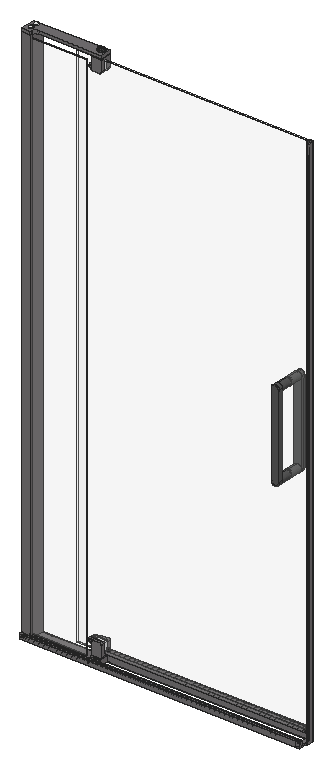
Revit family "Shower-Shower_Door-KOHLER-Revel-K-707511_1", category Specialty Equipment, host Face, Revit 2022
Family settings
  Host = Face
  Round Connector Dimension = Use Diameter
  Part Type = Normal
  OmniClass Number = 23.31.17.17
  OmniClass Title = Shower Enclosures
  Cut with Voids When Loaded = No
  Maintain Annotation Orientation = No
  Shared = No
  Room Calculation Point = No
Parameters (values of type "Clear Glass, ABZ-Anodized Dark Bronze")
  Width [instance] = 8.18898" + Walk Thru + 1.5748"  # 35.98425"
  WaterSense Certified = 1 = 0  # no
  Walk Thru [instance] = 26.22047"
  URL = "https://www.us.kohler.com/us/"
  Type = 1
  Secondary Finish = Kohler-Glass-L-Crystal_Clear
  Product Page URL = "http://www.us.kohler.com/us/catalog/productDetails.jsp?productId=707511-L"
  Product Name = "Revel"  # constant formula
  Product Documentation Link = "https://www.us.kohler.com/webassets/kpna/catalog/pdf/en/K-707511-L_spec_US-CA_Kohler_en.pdf"
  Model = if(Type = 1, "K-707511-L-ABZ", if(Type = 2, "K-707511-L-BNK", if(Type = 3, "K-707511-L-SHP", if(Type = 4, "K-707511-D3-ABZ", if(Type = 5, "K-707511-D3-BNK", if(Type = 6, "K-707511-D3-SHP", "NA"))))))  # "K-707511-L-ABZ"
  Material = "Premium Metal Construction"  # constant formula
  Master Format 2014 Name = "Shower Doors"  # constant formula
  Master Format 2014 = "10 28 19.16"  # constant formula
  Manufacturer Address = "444 Highland Dr, Kohler, WI 53044"  # constant formula
  Manufacturer = "Kohler Co."  # constant formula
  Length = 4 7/64"  # constant formula
  Height = 70"  # constant formula
  Handle Finish = Kohler-Metal-BL-Matte_Black
  Finish = Kohler-Metal-ABZ-Anodized_Dark_Bronze
  Environmental Product Declaration = ""
  Description = if(or(Type < 4), "Pivot shower door, 70inch H x 31-1/8 - 36inch W, with 5/16inch thick Crystal Clear glass\r\n", "Pivot shower door, 70inch H x 31-1/8 - 36inch W, with 5/16inch thick Frosted glass")  # "Pivot shower door, 70inch H x 31-1/8 - 36inch W, with 5/16inch thick Crystal Clear glass\r\n"
  Default Elevation = 4"
  Declare Label = ""
  Date Modified = "06/20/2022"  # constant formula
  Date Created = "06/20/2022"  # constant formula
  Copyright = "Copyright Kohler Co."  # constant formula
  Contact Us = "https://www.us.kohler.com/us/static/contact.jsp"
  Assembly Code = "C1030200"
  ADA Compliant = 1 = 0  # no
Reference planes (in)
  plane 1 "Center (Front/Back)": y = 0
  plane 2: z = 0
  plane 3 "Center (Left/Right)": x = 0
  plane 4: y = 2.10994
  plane 5: y = 0.71149
  plane 6: y = -1.5326
  plane 7: x = -8.29527
  plane 8: y = 0.32149
  plane 9: y = -1.99943
  plane 10: y = -0.55188
  plane 11: x = -15.84581
  plane 12: z = 70
  plane 13: z = 70.36441
  plane 14: z = 69.11682
  plane 15: z = 68.1005
  plane 16: z = 40.94488
  plane 17: z = 40.45276
  plane 18: z = 29.82283
  plane 19: z = 29.33071
  plane 20: z = 2.1635
  plane 21: z = 0.62992
  plane 22: x = -16.48425
  plane 23: x = -6.72047
  plane 24: x = 19.5
  plane 25: x = 19.11968
  plane 26: z = 68.66614
  plane 27: x = 19.00146
  plane 28: x = 16.54671
Dimensions and locks (in)
  plane 7 to plane 3 "Center (Left/Right)" = 8.29527"
  "Height": plane 12 to level
  "Length": plane 4 to plane 9
  locked: plane 23 to plane 3 "Center (Left/Right)" at 6.72047
  "Walk Thru": plane 23 to plane 24
  locked: plane 27 to plane 24 at 0.49854
  locked: plane 24 to plane 25 at 0.38032
  locked: plane 28 to plane 24 at 2.95329
  plane 19 to level = 29.33071"
  plane 16 to plane 19 = 11.61417"
  plane 7 to plane 22 = 8.18898"
  locked: plane 11 to plane 22 at 0.63844
  "Width": plane 24 to plane 22
  aligned and locked: plane 2 to host face
  aligned and locked: level to host face
  aligned and locked: plane 3 "Center (Left/Right)" to nested 1
Automatic sketch dimensions
  host sketch curve to host sketch curve = 96"  (x2)
Nested families (in)
  nested 1: "K-707511" at (0, 0, 0), type "K-707511"
Definition of nested family "K-707511"
  Parameters (values of type "K-707511")
    Width = Walk Thru + Distance + 1.5748"  # 36.02362"
    Walk Thru = 26.25984"
    Material = none
    Height = 70"
    Handle Material = none
    Handle Height = 29.33071"
    Glass Material = none
    Distance = 8.18898"
    Default Elevation = 0"
  Reference planes (in)
    plane 1 "Center (Front/Back)": y = 0
    plane 2: z = 0
    plane 3 "Center (Left/Right)": x = 0
    plane 4: x = -16.48425
    plane 5: x = -8.29527
    plane 6 "K": x = 16.58608
    plane 7: z = 70
    plane 8: z = 69.64567
    plane 9 "D": z = 68.1005
    plane 10: z = 29.33071
    plane 11: z = 40.94488
    plane 12: y = 2.10994
    plane 13: y = -1.99772
    plane 14: y = 0.71149
    plane 15: y = -1.5326
    plane 16: z = 0.62992
    plane 17: z = 69.11682
    plane 18: x = -15.84363
    plane 19 "A": y = -0.55188
    plane 20 "B": y = 0.32149
    plane 21 "C": z = 2.1635
    plane 22: z = 68.91997
    plane 23: z = 68.66614
    plane 24: z = 40.45276
    plane 25: z = 29.82283
    plane 26: z = 70.36441
    plane 27: x = -6.72047
    plane 28: x = 19.53937
    plane 29: x = 18.89764
    plane 30: x = 19.39764
    plane 31: x = 19.04083
    plane 32: x = -7.40614
  Forms (in)
    Extrusion 1, solid, material <- "Material", detail levels medium+fine
      sketch origin (0, 0, 0) x (0, 1, 0) y (0, 0, 1)
        loop
          line (-0.27623, 0) -> (0.59855, 0)
          arc (0.59855, 0) -> (0.62415, 0.0106) -> (0.63475, 0.0362) r 0.0362
          line (0.63475, 0.0362) -> (0.63475, 0.21702)
          arc (0.63475, 0.21702) -> (0.62509, 0.24034) -> (0.60177, 0.25) r 0.03298
          line (0.60177, 0.25) -> (-1.2883, 0.25)
          arc (-1.2883, 0.25) -> (-1.3314, 0.26785) -> (-1.34925, 0.31095) r 0.06095
          line (-1.34925, 0.31095) -> (-1.34925, 0.48)
          arc (-1.34925, 0.48) -> (-1.40675, 0.5375) -> (-1.46425, 0.48) r 0.0575
          line (-1.46425, 0.48) -> (-1.46425, 0.26417)
          arc (-1.46425, 0.26417) -> (-1.42954, 0.17607) -> (-1.34408, 0.1353) r 0.12919
          line (-1.34408, 0.1353) -> (-0.30312, 0.06251) -> (-0.30312, 0.0269)
          arc (-0.30312, 0.0269) -> (-0.29525, 0.00788) -> (-0.27623, 0) r 0.0269
      from -16.48425 to -8.02475
    Extrusion 2, solid, material <- "Material", detail levels medium+fine
      sketch origin (0, 0, 0) x (0, 1, 0) y (0, 0, 1)
        loop
          line (-1.46425, 0.06988) -> (-0.33625, -0.00012) -> (-0.33625, 0.06) -> (-1.46425, 0.13) -> (-1.46425, 0.565) -> (-1.33425, 0.565) -> (-1.33425, 0.368)
          arc (-1.33425, 0.368) -> (-1.30425, 0.338) -> (-1.27425, 0.368) r 0.03
          line (-1.27425, 0.368) -> (-1.27425, 0.60686)
          arc (-1.27425, 0.60686) -> (-1.281, 0.62317) -> (-1.29731, 0.62992) r 0.02306
          line (-1.29731, 0.62992) -> (-1.50695, 0.62992)
          arc (-1.50695, 0.62992) -> (-1.52509, 0.62241) -> (-1.5326, 0.60427) r 0.02565
          line (-1.5326, 0.60427) -> (-1.5326, 0) -> (-1.48411, 0)
          arc (-1.48411, 0) -> (-1.47007, 0.00582) -> (-1.46425, 0.01986) r 0.01986
          line (-1.46425, 0.01986) -> (-1.46425, 0.06988)
      from -16.48425 to 19.39764
    Extrusion 3, solid, material <- "Material", detail levels medium+fine
      sketch origin (0, 0, 0) x (0, 1, 0) y (0, 0, 1)
        loop
          line (-1.23023, 0.67187) -> (-1.54853, 0.67187)
          arc (-1.54853, 0.67187) -> (-1.56451, 0.66526) -> (-1.57112, 0.64928) r 0.0226
          line (-1.57112, 0.64928) -> (-1.57112, 0.03588)
          arc (-1.57112, 0.03588) -> (-1.55186, 0.01661) -> (-1.5326, 0.03588) r 0.01926
          line (-1.5326, 0.03588) -> (-1.5326, 0.62992) -> (-1.25863, 0.62992) -> (-1.25862, 0.15799)
          arc (-1.25862, 0.15799) -> (-1.25033, 0.13693) -> (-1.22989, 0.12718) r 0.03089
          line (-1.22989, 0.12718) -> (-0.30312, 0.06237) -> (-0.30312, 0.02652)
          arc (-0.30312, 0.02652) -> (-0.29532, 0.00768) -> (-0.27648, -0.00013) r 0.02664
          line (-0.27648, -0.00013) -> (0.27012, -0.00013)
          arc (0.27012, -0.00013) -> (0.29328, 0.00947) -> (0.30288, 0.03263) r 0.03275
          line (0.30288, 0.03263) -> (0.30288, 0.20868)
          arc (0.30288, 0.20868) -> (0.29449, 0.22892) -> (0.27425, 0.23731) r 0.02863
          line (0.27425, 0.23731) -> (-1.17024, 0.23731)
          arc (-1.17024, 0.23731) -> (-1.19827, 0.24892) -> (-1.20987, 0.27694) r 0.03964
          line (-1.20987, 0.27694) -> (-1.20987, 0.65152)
          arc (-1.20987, 0.65152) -> (-1.21584, 0.66591) -> (-1.23023, 0.67187) r 0.02036
      from 19.39764 to 18.89764
    Extrusion 4, solid, material <- "Material", detail levels medium+fine
      sketch origin (0, 0, 0) x (1, 0, 0) y (0, 1, 0)
        loop
          line (-16.48425, -1.27425) -> (-15.36279, -1.27425) -> (-15.36279, -1.0745) -> (-15.92325, -1.0745)
          arc (-15.92325, -1.0745) -> (-15.95325, -0.95875) -> (-15.92325, -0.843) r 0.2383
          line (-15.92325, -0.843) -> (-15.359, -0.843) -> (-15.359, 0.64608) -> (-16.48425, 0.64608) -> (-16.48425, 0.5658) -> (-16.42405, 0.5658) -> (-16.42405, 0.2641) -> (-16.48425, 0.2641) -> (-16.48425, 0.19996) -> (-16.42405, 0.19996) -> (-16.42405, -0.42903) -> (-16.48425, -0.42903) -> (-16.48425, -0.49326) -> (-16.42405, -0.49326) -> (-16.42405, -1.21125) -> (-16.48425, -1.21125) -> (-16.48425, -1.27425)
      from 0.25 to 69.64567
    Extrusion 5, solid, material <- "Glass Material"
      sketch origin (0, 0, 0) x (1, 0, 0) y (0, 1, 0)
        loop
          arc (-15.92325, -0.843) -> (-15.95325, -0.95875) -> (-15.92325, -1.0745) r 0.2383
          line (-15.92325, -1.0745) -> (-8.32527, -1.0745)
          arc (-8.32527, -1.0745) -> (-8.29527, -0.95875) -> (-8.32527, -0.843) r 0.2383
          line (-8.32527, -0.843) -> (-15.92325, -0.843)
      from 0.625 to 69.11682
    Extrusion 6, solid, material <- "Material"
      sketch origin (0, 0, 0) x (1, 0, 0) y (0, 1, 0)
        loop
          line (-16.48425, -1.33251) -> (-15.3867, -1.33251)
          arc (-15.3867, -1.33251) -> (-15.3224, -1.30588) -> (-15.29577, -1.24158) r 0.09093
          line (-15.29577, -1.24158) -> (-15.29577, -1.16731)
          arc (-15.29577, -1.16731) -> (-15.14469, -0.80256) -> (-14.77993, -0.65147) r 0.51584
          line (-14.77993, -0.65147) -> (-6.73991, -0.65147) -> (-6.73991, 0.71149) -> (-16.48425, 0.71149) -> (-16.48425, -1.33251)
      from 69.64567 to 70
    Revolve 7, solid, detail levels medium+fine
      sketch origin (0, -0.55188, 0) x (0, 0, 1) y (-1, 0, 0)
        loop
          line (70, 15.84363) -> (70.17753, 15.84363)
          arc (70.17753, 15.84363) -> (70.13865, 15.98634) -> (70.03277, 16.08963) r 0.2814
          line (70.03277, 16.08963) -> (70, 16.08963) -> (70, 15.84363)
        axis (70, 15.84363) -> (70.17753, 15.84363)
      angle from 0 to 360
    Revolve 8, solid, detail levels medium+fine
      sketch origin (0, 0.32149, 0) x (0, 0, -1) y (-1, 0, 0)
        loop
          line (-70, 15.84363) -> (-70, 16.08963) -> (-70.03277, 16.08963)
          arc (-70.03277, 16.08963) -> (-70.13865, 15.98634) -> (-70.17753, 15.84363) r 0.2814
          line (-70.17753, 15.84363) -> (-70, 15.84363)
        axis (-70.17753, 15.84363) -> (-70, 15.84363)
      angle from 0 to 360
    Extrusion 9, solid, material <- "Material", detail levels medium+fine
      sketch origin (0, 0, 0) x (0, 1, 0) y (0, 0, 1)
        loop
          line (0.63475, 0) -> (0.63475, 0.625) -> (-0.72263, 0.625)
          arc (-0.72263, 0.625) -> (-0.75489, 0.61164) -> (-0.76825, 0.57938) r 0.04562
          line (-0.76825, 0.57938) -> (-0.76825, 0.31091)
          arc (-0.76825, 0.31091) -> (-0.78609, 0.26784) -> (-0.82916, 0.25) r 0.06091
          line (-0.82916, 0.25) -> (-1.10552, 0.25)
          arc (-1.10552, 0.25) -> (-1.13786, 0.26339) -> (-1.15125, 0.29573) r 0.04573
          line (-1.15125, 0.29573) -> (-1.15125, 0.59003)
          arc (-1.15125, 0.59003) -> (-1.16149, 0.61476) -> (-1.18622, 0.625) r 0.03497
          line (-1.18622, 0.625) -> (-1.24534, 0.625)
          arc (-1.24534, 0.625) -> (-1.2672, 0.61595) -> (-1.27625, 0.59409) r 0.03091
          line (-1.27625, 0.59409) -> (-1.27625, 0.312)
          arc (-1.27625, 0.312) -> (-1.31275, 0.2755) -> (-1.34925, 0.312) r 0.0365
          line (-1.34925, 0.312) -> (-1.34925, 0.48)
          arc (-1.34925, 0.48) -> (-1.40675, 0.5375) -> (-1.46425, 0.48) r 0.0575
          line (-1.46425, 0.48) -> (-1.46425, 0.26028)
          arc (-1.46425, 0.26028) -> (-1.43067, 0.17503) -> (-1.34797, 0.13559) r 0.125
          line (-1.34797, 0.13559) -> (-0.30275, 0.0625) -> (-0.30275, 0.03125)
          arc (-0.30275, 0.03125) -> (-0.2936, 0.00915) -> (-0.2715, 0) r 0.03125
          line (-0.2715, 0) -> (0.63475, 0)
      from -6.76525 to -8.02475
    Extrusion 10, solid, material <- "Material"
      sketch origin (0, 0, 0) x (1, 0, 0) y (0, 0, 1)
        loop
          arc (-6.80462, 0.7535) -> (-6.77678, 0.76503) -> (-6.76525, 0.79287) r 0.03937
          line (-6.76525, 0.79287) -> (-6.76525, 2.20243)
          arc (-6.76525, 2.20243) -> (-6.83527, 2.37148) -> (-7.00432, 2.4415) r 0.23907
          line (-7.00432, 2.4415) -> (-7.77509, 2.4415)
          arc (-7.77509, 2.4415) -> (-7.94491, 2.37116) -> (-8.01525, 2.20134) r 0.24016
          line (-8.01525, 2.20134) -> (-8.01525, 0.79202)
          arc (-8.01525, 0.79202) -> (-8.00397, 0.76478) -> (-7.97673, 0.7535) r 0.03852
          line (-7.97673, 0.7535) -> (-6.80462, 0.7535)
      from -0.699 to 0.6555
    Extrusion 11, void
      sketch origin (0, 0, 0) x (0, 1, 0) y (0, 0, 1)
        loop
          line (-0.223, 1.0975) -> (0.277, 1.0975) -> (0.277, 2.6723) -> (-0.223, 2.6723) -> (-0.223, 1.0975)
      from -8.374 to -5.62598
    Extrusion 12, solid
      sketch origin (0, 0, 0) x (1, 0, 0) y (0, 0, 1)
        loop
          line (-6.78494, 1.0975) -> (-6.78494, 2.20243)
          arc (-6.78494, 2.20243) -> (-6.84919, 2.35756) -> (-7.00432, 2.42181) r 0.21938
          line (-7.00432, 2.42181) -> (-7.77509, 2.42181)
          arc (-7.77509, 2.42181) -> (-7.93099, 2.35724) -> (-7.99556, 2.20134) r 0.22047
          line (-7.99556, 2.20134) -> (-7.99556, 1.0975) -> (-6.78494, 1.0975)
      from -0.277 to 0.223
    Revolve 13, solid, material <- "Material"
      sketch origin (0, 0, 2.1635) x (0, -1, 0) y (1, 0, 0)
        loop
          line (0.3524, -8.32761) -> (-0.39049, -8.32761) -> (-0.39049, -8.59986)
          arc (-0.39049, -8.59986) -> (-0.37874, -8.62823) -> (-0.35037, -8.63998) r 0.04012
          line (-0.35037, -8.63998) -> (-0.17426, -8.63998) -> (-0.17426, -8.59632) -> (-0.13508, -8.59632) -> (-0.13508, -8.48472) -> (0.097, -8.48472) -> (0.097, -8.59632) -> (0.13617, -8.59632) -> (0.13617, -8.63998) -> (0.31228, -8.63998)
          arc (0.31228, -8.63998) -> (0.34065, -8.62823) -> (0.3524, -8.59986) r 0.04012
          line (0.3524, -8.59986) -> (0.3524, -8.32761)
        axis (0.3524, -8.32761) -> (-0.39049, -8.32761)
      angle from 0 to 360
    Extrusion 14, solid
      sketch origin (0, 0, 0) x (1, 0, 0) y (0, 0, 1)
        loop
          circle (-7.07775, 1.5975) r 0.18898
        loop
          line (-7.07775, 1.72346) -> (-7.18683, 1.66048) -> (-7.18683, 1.53452) -> (-7.07775, 1.47154) -> (-6.96867, 1.53452) -> (-6.96867, 1.66048) -> (-7.07775, 1.72346)
        loop
          circle (-7.70273, 1.5975) r 0.18898
        loop
          line (-7.70273, 1.72346) -> (-7.81181, 1.66048) -> (-7.81181, 1.53452) -> (-7.70273, 1.47154) -> (-7.59364, 1.53452) -> (-7.59364, 1.66048) -> (-7.70273, 1.72346)
      from -0.64608 to -0.74844
    Revolve 15, solid, material <- "Material"
      sketch origin (0, 0, 68.1005) x (0, -1, 0) y (1, 0, 0)
        loop
          line (0.34548, -8.29527) -> (-0.39741, -8.29527) -> (-0.39741, -8.56752)
          arc (-0.39741, -8.56752) -> (-0.38566, -8.59589) -> (-0.35729, -8.60764) r 0.04012
          line (-0.35729, -8.60764) -> (-0.18118, -8.60764) -> (-0.18118, -8.56398) -> (-0.14201, -8.56398) -> (-0.14201, -8.45238) -> (0.09007, -8.45238) -> (0.09007, -8.56398) -> (0.12925, -8.56398) -> (0.12925, -8.60764) -> (0.30536, -8.60764)
          arc (0.30536, -8.60764) -> (0.33373, -8.59589) -> (0.34548, -8.56752) r 0.04012
          line (0.34548, -8.56752) -> (0.34548, -8.29527)
        axis (0.34548, -8.29527) -> (-0.39741, -8.29527)
      angle from 0 to 360
    Extrusion 16, solid, material <- "Material"
      sketch origin (0, 0, 0) x (0, 1, 0) y (0, 0, 1)
        loop
          arc (-0.097, 1.35312) -> (-0.11537, 1.37299) -> (-0.13662, 1.35624) r 0.01993
          line (-0.13662, 1.35624) -> (-0.1776, 1.0975) -> (0.20316, 1.0975) -> (0.20316, 1.33432)
          arc (0.20316, 1.33432) -> (0.2165, 1.35338) -> (0.23898, 1.34737) r 0.02029
          arc (0.23898, 1.34737) -> (0.2829, 1.29668) -> (0.32829, 1.24731) r 2.26458
          arc (0.32829, 1.24731) -> (0.34709, 1.18966) -> (0.31434, 1.13863) r 0.07073
          arc (0.31434, 1.13863) -> (0.33971, 1.11534) -> (0.37309, 1.12379) r 0.03623
          arc (0.37309, 1.12379) -> (0.42824, 1.15633) -> (0.49187, 1.16351) r 0.15339
          arc (0.49187, 1.16351) -> (0.52099, 1.19696) -> (0.4952, 1.23303) r 0.03577
          arc (0.4952, 1.23303) -> (0.28695, 1.37387) -> (0.20068, 1.61001) r 0.4083
          arc (0.20068, 1.61001) -> (0.17922, 1.64919) -> (0.135, 1.65554) r 0.04994
          line (0.135, 1.65554) -> (0.135, 1.1775)
          arc (0.135, 1.1775) -> (0.019, 1.1475) -> (-0.097, 1.1775) r 0.23927
          line (-0.097, 1.1775) -> (-0.097, 1.35312)
        loop
          line (0.25206, 1.15842) -> (0.26168, 0.02414)
          arc (0.26168, 0.02414) -> (0.28259, 0.00002) -> (0.30569, 0.02205) r 0.02205
          line (0.30569, 0.02205) -> (0.30569, 1.15843)
          arc (0.30569, 1.15843) -> (0.27885, 1.25716) -> (0.25206, 1.15842) r 0.05301
      from -6.76525 to 19.04083
    Extrusion 17, solid, material <- "Material", detail levels medium+fine
      sketch origin (0, 0.32149, 0) x (0, 0, -1) y (-1, 0, 0)
        loop
          arc (-69.47848, 8.033) -> (-69.50196, 8.02327) -> (-69.51168, 7.99979) r 0.03321
          line (-69.51168, 7.99979) -> (-69.51168, 6.8125)
          arc (-69.51168, 6.8125) -> (-69.50196, 6.78902) -> (-69.47848, 6.77929) r 0.03321
          line (-69.47848, 6.77929) -> (-68.07358, 6.77929)
          arc (-68.07358, 6.77929) -> (-67.8951, 6.85322) -> (-67.82117, 7.03171) r 0.25241
          line (-67.82117, 7.03171) -> (-67.82117, 7.78058)
          arc (-67.82117, 7.78058) -> (-67.8951, 7.95907) -> (-68.07358, 8.033) r 0.25241
          line (-68.07358, 8.033) -> (-69.47848, 8.033)
      from -0.97296 to 0.37751
    Extrusion 18, void
      sketch origin (0, 0, 0) x (0, 1, 0) y (0, 0, 1)
        loop
          line (-0.22762, 67.70203) -> (0.23512, 67.70203) -> (0.23512, 69.21197) -> (-0.22762, 69.21197) -> (-0.22762, 67.70203)
      from -8.32527 to -6.37881
    Extrusion 19, solid
      sketch origin (0, 0, 0) x (1, 0, 0) y (0, 0, 1)
        loop
          line (-7.78058, 67.84085) -> (-7.03171, 67.84085)
          arc (-7.03171, 67.84085) -> (-6.86714, 67.90902) -> (-6.79898, 68.07358) r 0.23273
          line (-6.79898, 68.07358) -> (-6.79898, 69.21197) -> (-8.01331, 69.21197) -> (-8.01331, 68.07358)
          arc (-8.01331, 68.07358) -> (-7.94515, 67.90902) -> (-7.78058, 67.84085) r 0.23273
      from -0.23512 to 0.22762
    Extrusion 20, solid, material <- "Glass Material"
      sketch origin (0, 0, 0) x (1, 0, 0) y (0, 1, 0)
        loop
          arc (19.33997, -0.1605) -> (19.39481, -0.00425) -> (19.33997, 0.152) r 0.25
          line (19.33997, 0.152) -> (-10.36891, 0.152)
          arc (-10.36891, 0.152) -> (-10.42375, -0.00425) -> (-10.36891, -0.1605) r 0.25
          line (-10.36891, -0.1605) -> (19.33997, -0.1605)
      from 1.0975 to 69.11682
    Extrusion 21, solid
      sketch origin (0, 0, 0) x (1, 0, 0) y (0, 0, 1)
        loop
          circle (-7.09313, 68.67035) r 0.18898
        loop
          line (-7.09313, 68.79631) -> (-7.20221, 68.73333) -> (-7.20221, 68.60737) -> (-7.09313, 68.54439) -> (-6.98404, 68.60737) -> (-6.98404, 68.73333) -> (-7.09313, 68.79631)
        loop
          circle (-7.71992, 68.67035) r 0.18898
        loop
          line (-7.71992, 68.79631) -> (-7.829, 68.73333) -> (-7.829, 68.60737) -> (-7.71992, 68.54439) -> (-7.61083, 68.60737) -> (-7.61083, 68.73333) -> (-7.71992, 68.79631)
      from -0.277 to -0.74844
    Revolve 22, solid, material <- "Handle Material"
      sketch origin (16.58608, 0, 0) x (0, 0, 1) y (0, -1, 0)
        loop
          line (40.45276, -1.59591) -> (40.94488, -1.59591) -> (40.94488, -0.135) -> (40.697, -0.135) -> (40.697, 0.097) -> (40.94488, 0.097) -> (40.94488, 1.47495) -> (40.45276, 1.47495) -> (40.45276, -1.59591)
        axis (40.45276, 1.47495) -> (40.45276, -1.59591)
      angle from 0 to 360
    Revolve 23, solid, material <- "Handle Material"
      sketch origin (16.58608, 0, 0) x (0, 0, 1) y (0, -1, 0)
        loop
          line (29.82283, -1.59591) -> (29.82283, 1.47495) -> (29.33071, 1.47495) -> (29.33071, 0.097) -> (29.57859, 0.097) -> (29.57859, -0.135) -> (29.33071, -0.135) -> (29.33071, -1.59591) -> (29.82283, -1.59591)
        axis (29.82283, -1.59591) -> (29.82283, 1.47495)
      angle from 0 to 360
    Sweep 24, solid, material <- "Handle Material", detail levels medium+fine
      path origin (0, 0, 0) x (1, 0, 0) y (0, 0, 1)
        loop
          arc (17.0782, 40.45276) -> (16.58608, 40.94488) -> (16.09395, 40.45276) r 0.49213
          line (16.09395, 40.45276) -> (16.09395, 29.82283)
          arc (16.09395, 29.82283) -> (16.58608, 29.33071) -> (17.0782, 29.82283) r 0.49213
          line (17.0782, 29.82283) -> (17.0782, 40.45276)
      profile origin (16.58608, 0, 40.94488) x (0, 0, -1) y (0, -1, 0)
        loop
          line (0, 1.47495) -> (0.07036, 1.47495) -> (0.07036, 1.99772) -> (0.03819, 1.99772)
          arc (0.03819, 1.99772) -> (0.01119, 1.98653) -> (0, 1.95953) r 0.03819
          line (0, 1.95953) -> (0, 1.47495)
    Extrusion 25, solid, material <- "Handle Material", detail levels medium+fine
      sketch origin (0, 0, 0) x (1, 0, 0) y (0, 0, 1)
        loop
          arc (16.16431, 29.82283) -> (16.58608, 29.40107) -> (17.00785, 29.82283) r 0.42177
          line (17.00785, 29.82283) -> (17.00785, 40.45276)
          arc (17.00785, 40.45276) -> (16.58608, 40.87452) -> (16.16431, 40.45276) r 0.42177
          line (16.16431, 40.45276) -> (16.16431, 29.82283)
      from 1.47495 to 1.99772
    Sweep 26, solid, material <- "Handle Material", detail levels medium+fine
      path origin (0, 0, 0) x (1, 0, 0) y (0, 0, 1)
        loop
          line (17.0782, 29.82283) -> (17.0782, 40.45276)
          arc (17.0782, 40.45276) -> (16.58608, 40.94488) -> (16.09395, 40.45276) r 0.49213
          line (16.09395, 40.45276) -> (16.09395, 29.82283)
          arc (16.09395, 29.82283) -> (16.58608, 29.33071) -> (17.0782, 29.82283) r 0.49213
      profile origin (16.58608, 0, 29.33071) x (0, 0, -1) y (0, -1, 0)
        loop
          line (-0.08322, -1.59591) -> (-0.08322, -2.10994) -> (-0.03596, -2.10994)
          arc (-0.03596, -2.10994) -> (-0.01053, -2.09941) -> (0, -2.07398) r 0.03596
          line (0, -2.07398) -> (0, -1.59591) -> (-0.08322, -1.59591)
    Extrusion 27, solid, material <- "Handle Material", detail levels medium+fine
      sketch origin (0, 0, 0) x (1, 0, 0) y (0, 0, 1)
        loop
          line (16.17717, 40.45276) -> (16.17717, 29.82283)
          arc (16.17717, 29.82283) -> (16.58608, 29.41393) -> (16.99498, 29.82283) r 0.4089
          line (16.99498, 29.82283) -> (16.99498, 40.45276)
          arc (16.99498, 40.45276) -> (16.58608, 40.86166) -> (16.17717, 40.45276) r 0.4089
      from -2.10994 to -1.59591
    Extrusion 28, solid, material <- "Material"
      sketch origin (0, 0, 0) x (1, 0, 0) y (0, 1, 0)
        loop
          circle (-7.40614, 0) r 0.23622
      from 0.565 to 0.7535
    Extrusion 29, void
      sketch origin (0, 0, 0) x (1, 0, 0) y (0, 1, 0)
        loop
          arc (-6.80404, -0.07487) -> (-6.97385, 0.46372) -> (-7.51243, 0.63353) r 0.6115
          arc (-7.51243, 0.63353) -> (-7.63532, 0.45802) -> (-7.45982, 0.33513) r 0.1515
          arc (-7.45982, 0.33513) -> (-7.18811, 0.24946) -> (-7.10243, -0.02225) r 0.3085
          arc (-7.10243, -0.02225) -> (-6.97954, -0.19776) -> (-6.80404, -0.07487) r 0.1515
      from 70 to 69.64567
    Extrusion 30, solid
      sketch origin (0, 0, 0) x (1, 0, 0) y (0, 1, 0)
        loop
          circle (-7.40625, 0.49132) r 0.07731
        loop
          circle (-7.40625, 0.49132) r 0.097
      from 70 to 69.57446
    Extrusion 31, solid, material <- "Handle Material", detail levels coarse
      sketch origin (0, 0, 0) x (1, 0, 0) y (0, 0, 1)
        loop
          line (16.09395, 40.94488) -> (16.09395, 29.33071) -> (17.0782, 29.33071) -> (17.0782, 40.94488) -> (16.09395, 40.94488)
      from 1.47495 to 1.99772
    Extrusion 32, solid, material <- "Handle Material", detail levels coarse
      sketch origin (0, 0, 0) x (1, 0, 0) y (0, 0, 1)
        loop
          line (16.09395, 40.94488) -> (16.09395, 29.33071) -> (17.0782, 29.33071) -> (17.0782, 40.94488) -> (16.09395, 40.94488)
      from -2.10994 to -1.59591
    Extrusion 33, solid, material <- "Material", detail levels coarse
      sketch origin (0, 0, 0) x (1, 0, 0) y (0, 1, 0)
        loop
          line (-15.359, -0.843) -> (-15.359, 0.64608) -> (-16.48425, 0.64608) -> (-16.48425, -1.27425) -> (-15.36279, -1.27425) -> (-15.36279, -1.0745) -> (-15.92325, -1.0745)
          arc (-15.92325, -1.0745) -> (-15.95325, -0.95875) -> (-15.92325, -0.843) r 0.2383
          line (-15.92325, -0.843) -> (-15.359, -0.843)
      from 0 to 69.64567
    Extrusion 34, solid, material <- "Material", detail levels coarse
      sketch origin (16.58608, 0, 0) x (0, 0, 1) y (0, -1, 0)
        loop
          line (0.25, -0.30288) -> (0.25, 1.27425) -> (0.62992, 1.27425) -> (0.62992, 1.5326) -> (0, 1.5326) -> (0, -0.30288) -> (0.25, -0.30288)
      from -33.07033 to 2.81156
    Extrusion 35, solid, material <- "Material"
      sketch origin (0, 0, 0) x (1, 0, 0) y (0, 1, 0)
        loop
          arc (19.53937, 0.28917) -> (19.53044, 0.31074) -> (19.50887, 0.31967) r 0.0305
          line (19.50887, 0.31967) -> (19.00718, 0.31967)
          arc (19.00718, 0.31967) -> (18.98968, 0.30217) -> (19.00718, 0.28466) r 0.0175
          line (19.00718, 0.28466) -> (19.05405, 0.28466)
          arc (19.05405, 0.28466) -> (19.0238, 0.27075) -> (18.99618, 0.25214) r 0.20599
          arc (18.99618, 0.25214) -> (18.96275, 0.2073) -> (18.95558, 0.15183) r 0.11038
          line (18.95558, 0.15183) -> (19.20592, 0.15183)
          arc (19.20592, 0.15183) -> (19.18166, 0.23382) -> (19.1129, 0.28466) r 0.13461
          line (19.1129, 0.28466) -> (19.47359, 0.28466)
          arc (19.47359, 0.28466) -> (19.49605, 0.27536) -> (19.50536, 0.2529) r 0.03177
          line (19.50536, 0.2529) -> (19.50536, -0.48012) -> (19.43517, -0.48012) -> (19.22577, -0.1617)
          arc (19.22577, -0.1617) -> (19.20269, -0.16372) -> (19.19169, -0.18411) r 0.02441
          line (19.19169, -0.18411) -> (19.4107, -0.51714) -> (19.53937, -0.51714) -> (19.53937, 0.28917)
      from 0 to 68.91997
    Revolve 36, solid
      sketch origin (0, 0, 0) x (1, 0, 0) y (0, 0, 1)
        loop
          line (-7.40614, 69.51168) -> (-7.40614, 70.31881) -> (-7.62158, 70.31881) -> (-7.62158, 70.36441) -> (-7.68448, 70.36441)
          arc (-7.68448, 70.36441) -> (-7.7027, 70.3576) -> (-7.71198, 70.3405) r 0.02777
          line (-7.71198, 70.3405) -> (-7.73118, 70.2039) -> (-7.76575, 70.2039) -> (-7.76575, 70.1409) -> (-7.64133, 70.1409) -> (-7.64133, 69.57446) -> (-8.02821, 69.57446) -> (-8.02821, 69.51168) -> (-7.40614, 69.51168)
        axis (-7.40614, 69.51168) -> (-7.40614, 70.36441)
      angle from 0 to 360
    Extrusion 37, solid, material <- "Material", detail levels coarse
      sketch origin (0, 0.32149, 0) x (0, 0, -1) y (-1, 0, 0)
        loop
          arc (-69.47848, 8.033) -> (-69.50196, 8.02327) -> (-69.51168, 7.99979) r 0.03321
          line (-69.51168, 7.99979) -> (-69.51168, 6.8125)
          arc (-69.51168, 6.8125) -> (-69.50196, 6.78902) -> (-69.47848, 6.77929) r 0.03321
          line (-69.47848, 6.77929) -> (-67.82117, 6.77929) -> (-67.82117, 8.033) -> (-69.47848, 8.033)
      from -0.97296 to 0.37751
  Cuts and joins
    Extrusion 11 cuts Extrusion 10
    Extrusion 18 cuts Extrusion 17
    joined: Sweep 26, Extrusion 27
    joined: Sweep 24, Extrusion 25
    Extrusion 29 cuts Extrusion 6
  Lines and regions (in)
    Masking region 1
      outline origin (0, 0, 0) x (1, 0, 0) y (0, 0, 1)
        loop
          line (-16.48425, 0) -> (19.53937, 0) -> (19.53937, 68.91997) -> (19.39764, 68.91997) -> (19.39764, 69.11682) -> (-6.77929, 69.11682) -> (-6.77929, 69.47848)
          arc (-6.77929, 69.47848) -> (-6.78049, 69.49525) -> (-6.78408, 69.51168) r 0.11765
          line (-6.78408, 69.51168) -> (-6.78408, 69.57446) -> (-7.17096, 69.57446) -> (-7.17096, 69.64567) -> (-6.72047, 69.64567) -> (-6.72047, 70) -> (-7.17096, 70) -> (-7.17096, 70.1409) -> (-7.04654, 70.1409) -> (-7.04654, 70.2039) -> (-7.08111, 70.2039) -> (-7.10073, 70.34349)
          arc (-7.10073, 70.34349) -> (-7.10885, 70.35845) -> (-7.1248, 70.36441) r 0.02431
          line (-7.1248, 70.36441) -> (-7.68749, 70.36441)
          arc (-7.68749, 70.36441) -> (-7.70344, 70.35845) -> (-7.71156, 70.34349) r 0.02431
          line (-7.71156, 70.34349) -> (-7.73118, 70.2039) -> (-7.76575, 70.2039) -> (-7.76575, 70.1409) -> (-7.64133, 70.1409) -> (-7.64133, 70) -> (-15.59763, 70) -> (-15.59763, 70.03277)
          arc (-15.59763, 70.03277) -> (-15.70095, 70.13855) -> (-15.84363, 70.17739) r 0.28153
          arc (-15.84363, 70.17739) -> (-15.98631, 70.13855) -> (-16.08963, 70.03277) r 0.28153
          line (-16.08963, 70.03277) -> (-16.08963, 70) -> (-16.48425, 70) -> (-16.48425, 0)
        loop
          line (-15.36279, 69.64567) -> (-15.36279, 69.11682) -> (-8.033, 69.11682) -> (-8.033, 69.47848)
          arc (-8.033, 69.47848) -> (-8.0318, 69.49525) -> (-8.02821, 69.51168) r 0.11765
          line (-8.02821, 69.51168) -> (-8.02821, 69.57446) -> (-7.64133, 69.57446) -> (-7.64133, 69.64567) -> (-15.36279, 69.64567)
        loop
          line (-8.29527, 1.0975) -> (-8.29527, 0.62992) -> (-7.64237, 0.62992) -> (-7.64237, 0.7535) -> (-7.97673, 0.7535)
          arc (-7.97673, 0.7535) -> (-8.00397, 0.76478) -> (-8.01525, 0.79202) r 0.03852
          line (-8.01525, 0.79202) -> (-8.01525, 1.0975) -> (-8.29527, 1.0975)
        loop
          line (-7.16992, 0.7535) -> (-7.16992, 0.62992) -> (-6.76525, 0.62992) -> (-6.76525, 0.79287)
          arc (-6.76525, 0.79287) -> (-6.77678, 0.76503) -> (-6.80462, 0.7535) r 0.03937
          line (-6.80462, 0.7535) -> (-7.16992, 0.7535)
    Masking region 2
      outline origin (16.58608, 0, 0) x (0, 0, 1) y (0, -1, 0)
        loop
          line (0, -0.63475) -> (0.21702, -0.63475)
          arc (0.21702, -0.63475) -> (0.24034, -0.62509) -> (0.25, -0.60177) r 0.03298
          line (0.25, -0.60177) -> (0.25, -0.64608) -> (0.7535, -0.64608) -> (0.7535, -0.699) -> (1.40852, -0.699) -> (1.40852, -0.74844) -> (1.78648, -0.74844) -> (1.78648, -0.699) -> (2.4415, -0.699) -> (2.4415, -0.64608) -> (29.33071, -0.64608) -> (29.33071, -2.07057)
          arc (29.33071, -2.07057) -> (29.34224, -2.09841) -> (29.37008, -2.10994) r 0.03937
          line (29.37008, -2.10994) -> (40.90716, -2.10994)
          arc (40.90716, -2.10994) -> (40.93383, -2.09889) -> (40.94488, -2.07222) r 0.03773
          line (40.94488, -2.07222) -> (40.94488, -0.64608) -> (67.82117, -0.64608) -> (67.82117, -0.699) -> (68.48137, -0.699) -> (68.48137, -0.74844) -> (68.85933, -0.74844) -> (68.85933, -0.699) -> (69.51168, -0.699) -> (69.51168, -0.64608) -> (69.64567, -0.64608) -> (69.64567, -0.71149) -> (70, -0.71149) -> (70, -0.56685) -> (70.03265, -0.56685)
          arc (70.03265, -0.56685) -> (70.12273, -0.48776) -> (70.17155, -0.37828) r 0.28036
          line (70.17155, -0.37828) -> (70.2039, -0.3596) -> (70.2039, -0.32484) -> (70.33604, -0.30626)
          arc (70.33604, -0.30626) -> (70.35633, -0.29525) -> (70.36441, -0.27363) r 0.03296
          line (70.36441, -0.27363) -> (70.36441, 0.27363)
          arc (70.36441, 0.27363) -> (70.35633, 0.29525) -> (70.33604, 0.30626) r 0.03296
          line (70.33604, 0.30626) -> (70.2039, 0.32484) -> (70.2039, 0.3596) -> (70.1409, 0.3596) -> (70.1409, 0.23689) -> (70, 0.23689) -> (70, 0.30652) -> (70.03265, 0.30652)
          arc (70.03265, 0.30652) -> (70.13849, 0.40945) -> (70.17736, 0.55188) r 0.28036
          arc (70.17736, 0.55188) -> (70.13849, 0.69431) -> (70.03265, 0.79724) r 0.28036
          line (70.03265, 0.79724) -> (70, 0.79724) -> (70, 1.33251) -> (69.64567, 1.33251) -> (69.64567, 1.27425) -> (40.94488, 1.27425) -> (40.94488, 1.95835)
          arc (40.94488, 1.95835) -> (40.93335, 1.98619) -> (40.90551, 1.99772) r 0.03937
          line (40.90551, 1.99772) -> (29.3726, 1.99772)
          arc (29.3726, 1.99772) -> (29.34298, 1.98545) -> (29.33071, 1.95583) r 0.04189
          line (29.33071, 1.95583) -> (29.33071, 1.27425) -> (0.67187, 1.27425) -> (0.67187, 1.54853)
          arc (0.67187, 1.54853) -> (0.66526, 1.56451) -> (0.64928, 1.57112) r 0.0226
          line (0.64928, 1.57112) -> (0.03587, 1.57112)
          arc (0.03587, 1.57112) -> (0.01661, 1.55186) -> (0.03587, 1.5326) r 0.01926
          line (0.03587, 1.5326) -> (0, 1.5326) -> (0, 1.48411)
          arc (0, 1.48411) -> (0.00582, 1.47007) -> (0.01986, 1.46425) r 0.01986
          line (0.01986, 1.46425) -> (0.06988, 1.46425) -> (-0.00012, 0.33625) -> (0.06, 0.33625) -> (0.13, 1.46425) -> (0.26417, 1.46425)
          arc (0.26417, 1.46425) -> (0.17607, 1.42954) -> (0.1353, 1.34408) r 0.12919
          line (0.1353, 1.34408) -> (0.06251, 0.30312) -> (0.0269, 0.30312)
          arc (0.0269, 0.30312) -> (0.00788, 0.29525) -> (0, 0.27623) r 0.0269
          line (0, 0.27623) -> (0, -0.63475)
        loop
          arc (0.48, 1.46425) -> (0.5375, 1.40675) -> (0.48, 1.34925) r 0.0575
          line (0.48, 1.34925) -> (0.312, 1.34925)
          arc (0.312, 1.34925) -> (0.2755, 1.31275) -> (0.312, 1.27625) r 0.0365
          line (0.312, 1.27625) -> (0.35723, 1.27625)
          arc (0.35723, 1.27625) -> (0.3385, 1.30973) -> (0.368, 1.33425) r 0.03
          line (0.368, 1.33425) -> (0.565, 1.33425) -> (0.565, 1.46425) -> (0.48, 1.46425)
        loop
          line (30.31291, 1.47495) -> (30.31291, 1.27425) -> (39.96063, 1.27425) -> (39.96063, 1.47495) -> (30.31291, 1.47495)
        loop
          line (39.96063, -1.59591) -> (39.96063, -0.64608) -> (30.31496, -0.64608) -> (30.31496, -1.59591) -> (39.96063, -1.59591)
    Masking region 3
      outline origin (0, 0, 0) x (1, 0, 0) y (0, 1, 0)
        loop
          line (-16.48425, -1.5326) -> (16.09395, -1.5326) -> (16.09395, -1.94529)
          arc (16.09395, -1.94529) -> (16.10931, -1.98236) -> (16.14638, -1.99772) r 0.05243
          line (16.14638, -1.99772) -> (16.58608, -1.99772) -> (17.02578, -1.99772)
          arc (17.02578, -1.99772) -> (17.06285, -1.98236) -> (17.0782, -1.94529) r 0.05243
          line (17.0782, -1.94529) -> (17.0782, -1.5326) -> (18.89764, -1.5326) -> (18.89764, -1.57112) -> (19.39764, -1.57112) -> (19.39764, -0.51714) -> (19.53937, -0.51714) -> (19.53937, 0.28917)
          arc (19.53937, 0.28917) -> (19.53044, 0.31074) -> (19.50887, 0.31967) r 0.0305
          line (19.50887, 0.31967) -> (19.04083, 0.31967) -> (19.04083, 0.52103) -> (17.0782, 0.52103) -> (17.0782, 2.07301)
          arc (17.0782, 2.07301) -> (17.06739, 2.09912) -> (17.04127, 2.10994) r 0.03693
          line (17.04127, 2.10994) -> (16.13088, 2.10994)
          arc (16.13088, 2.10994) -> (16.10477, 2.09912) -> (16.09395, 2.07301) r 0.03693
          line (16.09395, 2.07301) -> (16.09395, 0.52103) -> (-6.72047, 0.52103) -> (-6.72047, 0.71149) -> (-6.88877, 0.71149) -> (-6.88877, 0.74844) -> (-7.2807, 0.74844) -> (-7.2807, 0.71149) -> (-7.51519, 0.71149) -> (-7.51519, 0.74844) -> (-7.90889, 0.74844) -> (-7.90889, 0.71149) -> (-16.48425, 0.71149) -> (-16.48425, -1.5326)
        loop
          line (16.09395, -0.33625) -> (16.09395, -0.1776) -> (-6.72047, -0.1776) -> (-6.72047, -0.33625) -> (16.09395, -0.33625)
        loop
          line (17.0782, -0.33625) -> (18.89764, -0.33625) -> (18.89764, -0.1776) -> (17.0782, -0.1776) -> (17.0782, -0.33625)
        loop
          line (19.39764, 0.28466) -> (19.39764, 0.10898) -> (19.39764, -0.42305) -> (19.43517, -0.48012) -> (19.50536, -0.48012) -> (19.50536, 0.2529)
          arc (19.50536, 0.2529) -> (19.49605, 0.27536) -> (19.47359, 0.28466) r 0.03177
          line (19.47359, 0.28466) -> (19.39764, 0.28466)
    symbolic lines, detail levels medium+fine
      curve 1: line (-16.08963, 0, 70) -> (-15.59763, 0, 70)
      curve 2: line (-16.08963, 0, 70.03277) -> (-15.59763, 0, 70.03277)
      curve 3: line (-16.48425, 0, 69.64567) -> (-15.359, 0, 69.64567)
      curve 4: line (-15.36279, 0, 69.11682) -> (-15.36279, 0, 0.62992)
      curve 5: line (-8.29527, 0, 0.62992) -> (-16.48425, 0, 0.62992)
      curve 6: line (-8.29527, 0, 69.11682) -> (-8.29527, 0, 1.0975)
      curve 7: line (-8.01525, 0, 1.0975) -> (-8.01525, 0, 2.20134)
      curve 8: arc (-7.77509, 0, 2.4415) -> (-7.94491, 0, 2.37116) -> (-8.01525, 0, 2.20134) r 0.24016
      curve 9: line (-7.00432, 0, 2.4415) -> (-7.77509, 0, 2.4415)
      curve 10: arc (-6.76525, 0, 2.20243) -> (-6.83527, 0, 2.37148) -> (-7.00432, 0, 2.4415) r 0.23907
      curve 11: line (-6.76525, 0, 2.20243) -> (-6.76525, 0, 0.79287)
      curve 12: line (-7.64237, 0, 0.7535) -> (-7.16511, 0, 0.7535)
      curve 13: line (-7.64237, 0, 0.62992) -> (-7.16992, 0, 0.62992)
      curve 14: arc (-8.29527, 0, 1.85282) -> (-8.01525, 0, 2.1635) -> (-8.29527, 0, 2.47418) r 0.31236
      curve 15: line (-6.76525, 0, 0.62992) -> (18.89764, 0, 0.62992)
      curve 16: line (18.89764, 0, -0.00013) -> (18.89764, 0, 0.62992)
      curve 17: line (18.89764, 0, 0.67187) -> (19.39764, 0, 0.67187)
      curve 18: line (18.89764, 0, 0.67187) -> (18.89764, 0, 0.49938)
      curve 19: line (-6.76525, 0, 1.0975) -> (19.19169, 0, 1.0975)
      curve 20: line (-7.64133, 0, 69.64567) -> (-7.17096, 0, 69.64567)
      curve 21: line (-7.64133, 0, 69.57446) -> (-7.17096, 0, 69.57446)
      curve 22: line (-8.02821, 0, 69.51168) -> (-6.78408, 0, 69.51168)
      curve 23: line (-7.64133, 0, 70) -> (-7.17096, 0, 70)
      curve 24: line (-7.64133, 0, 70.1409) -> (-7.17096, 0, 70.1409)
      curve 25: line (-7.73118, 0, 70.2039) -> (-7.08111, 0, 70.2039)
      curve 26: line (16.09395, 0, 40.45276) -> (16.09395, 0, 29.82283)
      curve 27: line (17.0782, 0, 29.82283) -> (17.0782, 0, 40.45276)
      curve 28: arc (17.0782, 0, 40.45276) -> (16.58608, 0, 40.94488) -> (16.09395, 0, 40.45276) r 0.49213
      curve 29: arc (17.0782, 0, 29.82283) -> (16.58608, 0, 29.33071) -> (16.09395, 0, 29.82283) r 0.49213
      curve 30: line (-7.78058, 0, 67.82117) -> (-7.03171, 0, 67.82117)
      curve 31: arc (-7.78058, 0, 67.82117) -> (-7.95907, 0, 67.8951) -> (-8.033, 0, 68.07358) r 0.25241
      curve 32: arc (-6.77929, 0, 68.07358) -> (-6.85322, 0, 67.8951) -> (-7.03171, 0, 67.82117) r 0.25241
      curve 33: line (-8.033, 0, 68.07358) -> (-8.033, 0, 69.11682)
      curve 34: line (-6.77929, 0, 68.07358) -> (-6.77929, 0, 69.11682)
      curve 35: arc (-8.033, 0, 68.27015) -> (-8.14598, 0, 68.37488) -> (-8.29527, 0, 68.41286) r 0.31236
      curve 36: arc (-8.29527, 0, 67.78814) -> (-8.12638, 0, 67.83774) -> (-8.01112, 0, 67.97078) r 0.31236
      curve 37: line (16.58608, 0.60177, 0.25) -> (16.58608, -1.27425, 0.25)
      curve 38: line (16.58608, -1.27425, 0.25) -> (16.58608, -1.27425, 0.67187)
      curve 39: arc (16.58608, -1.27425, 0.60686) -> (16.58608, -1.281, 0.62317) -> (16.58608, -1.29731, 0.62992) r 0.02306
      curve 40: line (16.58608, -1.27425, 0.62992) -> (16.58608, -1.5326, 0.62992)
      curve 41: arc (16.58608, -1.50695, 0.62992) -> (16.58608, -1.52509, 0.62241) -> (16.58608, -1.5326, 0.60427) r 0.02565
      curve 42: line (16.58608, -1.5326, 0.62992) -> (16.58608, -1.5326, 0)
      curve 43: line (16.58608, -1.46425, 0.26028) -> (16.58608, -1.46425, 0.48)
      curve 44: line (16.58608, -1.46425, 0.13) -> (16.58608, -1.46425, 0.06988)
      curve 45: line (16.58608, 0.64608, 0.7535) -> (16.58608, 0.64608, 2.4415)
      curve 46: line (16.58608, 0.699, 1.40852) -> (16.58608, 0.699, 1.78648)
      curve 47: line (16.58608, 0.5658, 69.64567) -> (16.58608, 0.5658, 0.25)
      curve 48: line (16.58608, 0.2641, 0.25) -> (16.58608, 0.2641, 69.64567)
      curve 49: line (16.58608, 0.19996, 69.64567) -> (16.58608, 0.19996, 0.25)
      curve 50: line (16.58608, -0.42903, 0.25) -> (16.58608, -0.42903, 69.64567)
      curve 51: line (16.58608, -0.49326, 69.64567) -> (16.58608, -0.49326, 0.25)
      curve 52: line (16.58608, -1.21125, 0.25) -> (16.58608, -1.21125, 69.64567)
      curve 53: line (16.58608, 0.64608, 29.33071) -> (16.58608, 0.64608, 30.31496)
      curve 54: line (16.58608, -1.27425, 29.33071) -> (16.58608, -1.27425, 30.31291)
      curve 55: line (16.58608, 1.59591, 30.31496) -> (16.58608, 1.59591, 29.33071)
      curve 56: line (16.58608, -1.47495, 30.31291) -> (16.58608, -1.47495, 29.33071)
      curve 57: line (16.58608, 0.64608, 39.96063) -> (16.58608, 0.64608, 40.94488)
      curve 58: line (16.58608, 1.59591, 39.96063) -> (16.58608, 1.59591, 40.94488)
      curve 59: line (16.58608, -1.27425, 39.96063) -> (16.58608, -1.27425, 40.94488)
      curve 60: line (16.58608, -1.47495, 39.96063) -> (16.58608, -1.47495, 40.94488)
      curve 61: line (16.58608, 0.64608, 67.82117) -> (16.58608, 0.64608, 69.51168)
      curve 62: line (16.58608, 0.699, 68.48137) -> (16.58608, 0.699, 68.85933)
      curve 63: line (16.58608, 0.64608, 69.64567) -> (16.58608, -1.27425, 69.64567)
      curve 64: line (16.58608, 0.56685, 70) -> (16.58608, -0.23689, 70)
      curve 65: line (16.58608, -0.30652, 70) -> (16.58608, -0.79724, 70)
      curve 66: line (16.58608, -0.30652, 70.03265) -> (16.58608, -0.79724, 70.03265)
      curve 67: line (16.58608, 0.07518, 70) -> (16.58608, 0.07518, 70.03265)
      curve 68: line (16.58608, 0.07518, 70.03265) -> (16.58608, 0.56685, 70.03265)
      curve 69: arc (16.58608, 0.37828, 70.17155) -> (16.58608, 0.20368, 70.1524) -> (16.58608, 0.07518, 70.03265) r 0.2788
      curve 70: line (16.58608, -0.32484, 70.2039) -> (16.58608, 0.32504, 70.2039)
      curve 71: line (16.58608, -0.23519, 70.1409) -> (16.58608, 0.18131, 70.1409)
      curve 72: circle (-15.84363, 0.32149, 0) r 0.246 normal (0, 0, 1)
      curve 73: circle (-15.84363, -0.55188, 0) r 0.246 normal (0, 0, -1)
      curve 74: line (-7.90889, 0.71149, 0) -> (-7.51519, 0.71149, 0)
      curve 75: line (-7.2807, 0.71149, 0) -> (-6.88877, 0.71149, 0)
      curve 76: line (-6.72047, -0.22567, 0) -> (-6.72047, 0.52103, 0)
      curve 77: line (-6.72047, -0.33625, 0) -> (-6.72047, -0.65147, 0)
      curve 78: line (-6.72047, -0.65147, 0) -> (-14.77993, -0.65147, 0)
      curve 79: arc (-15.29577, -1.16731, 0) -> (-15.14469, -0.80256, 0) -> (-14.77993, -0.65147, 0) r 0.51584
      curve 80: line (-16.48425, -1.33251, 0) -> (-15.3867, -1.33251, 0)
      curve 81: arc (-15.3867, -1.33251, 0) -> (-15.3224, -1.30588, 0) -> (-15.29577, -1.24158, 0) r 0.09093
      curve 82: line (-15.29577, -1.24158, 0) -> (-15.29577, -1.16731, 0)
      curve 83: line (-8.32527, -0.843, 0) -> (-15.18107, -0.843, 0)
      curve 84: line (-15.28735, -1.0745, 0) -> (-8.32527, -1.0745, 0)
      curve 85: arc (-8.32527, -1.0745, 0) -> (-8.29527, -0.95875, 0) -> (-8.32527, -0.843, 0) r 0.2383
      curve 86: line (-6.76525, -0.65147, 0) -> (-6.76525, -1.27425, 0)
      curve 87: line (-8.02475, -1.27425, 0) -> (-8.02475, -0.65147, 0)
      curve 88: line (-15.30184, -1.27425, 0) -> (16.09395, -1.27425, 0)
      curve 89: line (-8.02475, -0.76825, 0) -> (-6.76525, -0.76825, 0)
      curve 90: line (-8.02475, -1.15125, 0) -> (-6.76525, -1.15125, 0)
      curve 91: arc (-7.62158, 0, 0) -> (-7.40614, 0.21543, 0) -> (-7.19071, 0, 0) r 0.21543
      curve 92: arc (-7.19071, 0, 0) -> (-7.40614, -0.21543, 0) -> (-7.62158, 0, 0) r 0.21543
      curve 93: arc (-7.76575, 0, 0) -> (-7.40614, 0.3596, 0) -> (-7.04654, 0, 0) r 0.3596
      curve 94: arc (-7.04654, 0, 0) -> (-7.40614, -0.3596, 0) -> (-7.76575, 0, 0) r 0.3596
      curve 95: circle (-7.40614, 0, 0) r 0.32504 normal (0, 0, 1)
      curve 96: line (-7.43499, 0.1285, 0) -> (-7.43499, 0.02884, 0)
      curve 97: line (-7.43499, 0.1285, 0) -> (-7.3773, 0.1285, 0)
      curve 98: line (-7.43499, -0.1285, 0) -> (-7.3773, -0.1285, 0)
      curve 99: line (-7.3773, 0.1285, 0) -> (-7.3773, 0.02884, 0)
      curve 100: line (-7.27764, 0.02884, 0) -> (-7.3773, 0.02884, 0)
      curve 101: line (-7.27764, 0.02884, 0) -> (-7.27764, -0.02884, 0)
      curve 102: line (-7.53464, 0.02884, 0) -> (-7.53464, -0.02884, 0)
      curve 103: line (-7.27764, -0.02884, 0) -> (-7.3773, -0.02884, 0)
      curve 104: line (-7.43499, -0.02884, 0) -> (-7.43499, -0.1285, 0)
      curve 105: line (-7.43499, 0.02884, 0) -> (-7.53464, 0.02884, 0)
      curve 106: line (-7.3773, -0.02884, 0) -> (-7.3773, -0.1285, 0)
      curve 107: line (-7.43499, -0.02884, 0) -> (-7.53464, -0.02884, 0)
      curve 108: line (-15.88036, 0.45572, 0) -> (-15.88036, 0.35822, 0)
      curve 109: line (-15.88036, 0.45572, 0) -> (-15.8069, 0.45572, 0)
      curve 110: line (-15.8069, 0.45572, 0) -> (-15.8069, 0.35822, 0)
      curve 111: line (-15.88036, 0.18726, 0) -> (-15.8069, 0.18726, 0)
      curve 112: line (-15.7094, 0.35822, 0) -> (-15.8069, 0.35822, 0)
      curve 113: line (-15.7094, 0.35822, 0) -> (-15.7094, 0.28476, 0)
      curve 114: line (-15.7094, 0.28476, 0) -> (-15.8069, 0.28476, 0)
      curve 115: line (-15.97785, 0.35822, 0) -> (-15.97785, 0.28476, 0)
      curve 116: line (-15.88036, 0.35822, 0) -> (-15.97785, 0.35822, 0)
      curve 117: line (-15.88036, 0.28476, 0) -> (-15.88036, 0.18726, 0)
      curve 118: line (-15.8069, 0.28476, 0) -> (-15.8069, 0.18726, 0)
      curve 119: line (-15.88036, 0.28476, 0) -> (-15.97785, 0.28476, 0)
      curve 120: line (-15.88036, -0.41765, 0) -> (-15.88036, -0.51515, 0)
      curve 121: line (-15.88036, -0.41765, 0) -> (-15.8069, -0.41765, 0)
      curve 122: line (-15.8069, -0.41765, 0) -> (-15.8069, -0.51515, 0)
      curve 123: line (-15.88036, -0.68611, 0) -> (-15.8069, -0.68611, 0)
      curve 124: line (-15.7094, -0.51515, 0) -> (-15.8069, -0.51515, 0)
      curve 125: line (-15.7094, -0.51515, 0) -> (-15.7094, -0.58861, 0)
      curve 126: line (-15.7094, -0.58861, 0) -> (-15.8069, -0.58861, 0)
      curve 127: line (-15.97785, -0.51515, 0) -> (-15.97785, -0.58861, 0)
      curve 128: line (-15.88036, -0.51515, 0) -> (-15.97785, -0.51515, 0)
      curve 129: line (-15.88036, -0.58861, 0) -> (-15.88036, -0.68611, 0)
      curve 130: line (-15.8069, -0.58861, 0) -> (-15.8069, -0.68611, 0)
      curve 131: line (-15.88036, -0.58861, 0) -> (-15.97785, -0.58861, 0)
      curve 132: line (-6.72047, 0.20225, 0) -> (16.09395, 0.20225, 0)
      curve 133: line (16.09395, 0.52103, 0) -> (16.09395, 0.152, 0)
      curve 134: line (17.0782, 0.52103, 0) -> (17.0782, 0.152, 0)
      curve 135: line (16.09395, -1.5326, 0) -> (16.09395, -0.33625, 0)
      curve 136: line (17.0782, -1.5326, 0) -> (17.0782, -0.33625, 0)
      curve 137: line (16.09395, -1.47495, 0) -> (17.0782, -1.47495, 0)
      curve 138: line (16.09395, 1.59591, 0) -> (17.0782, 1.59591, 0)
      curve 139: line (17.0782, 0.20136, 0) -> (18.96054, 0.20136, 0)
      curve 140: arc (-6.80404, -0.07487, 0) -> (-6.97385, 0.46372, 0) -> (-7.51243, 0.63353, 0) r 0.6115
      curve 141: arc (-7.51243, 0.63353, 0) -> (-7.63743, 0.49199, 0) -> (-7.52737, 0.33855, 0) r 0.1515
      curve 142: arc (-7.0746, -0.13925, 0) -> (-6.91817, -0.19594, 0) -> (-6.80404, -0.07487, 0) r 0.1515
      curve 143: arc (-7.30925, 0.49132, 0) -> (-7.40625, 0.58832, 0) -> (-7.50325, 0.49132, 0) r 0.097
      curve 144: arc (-7.48356, 0.49132, 0) -> (-7.40625, 0.56863, 0) -> (-7.32893, 0.49132, 0) r 0.07731
      curve 145: arc (-7.32893, 0.49132, 0) -> (-7.40625, 0.414, 0) -> (-7.48356, 0.49132, 0) r 0.07731
      curve 146: arc (-7.50325, 0.49132, 0) -> (-7.40625, 0.39432, 0) -> (-7.30925, 0.49132, 0) r 0.097
      curve 147: line (19.33997, 0.152, 0) -> (-6.72047, 0.152, 0)
      curve 148: line (-6.72047, -0.1605, 0) -> (19.33997, -0.1605, 0)
      curve 149: line (19.48453, 0, 0) -> (19.48453, 0, 68.91997)
      curve 150: line (18.89764, -1.5326, 0) -> (18.89764, -0.33625, 0)
      curve 151: line (17.0782, -1.27425, 0) -> (18.89764, -1.27425, 0)
      curve 152: line (18.89764, -1.20987, 0) -> (19.39764, -1.20987, 0)
      curve 153: line (19.39764, 0.28466, 0) -> (19.1129, 0.28466, 0)
      curve 154: arc (19.20592, 0.152, 0) -> (19.18161, 0.23389, 0) -> (19.1129, 0.28466, 0) r 0.13461
      curve 155: arc (19.05405, 0.28466, 0) -> (19.0238, 0.27075, 0) -> (18.99618, 0.25214, 0) r 0.20599
      curve 156: arc (18.99618, 0.25214, 0) -> (18.96278, 0.20738, 0) -> (18.95556, 0.152, 0) r 0.11038
      curve 157: arc (19.00718, 0.31967, 0) -> (18.98968, 0.30217, 0) -> (19.00718, 0.28466, 0) r 0.0175
      curve 158: line (19.00718, 0.28466, 0) -> (19.05405, 0.28466, 0)
      curve 159: line (19.00718, 0.31967, 0) -> (19.04083, 0.31967, 0)
      curve 160: arc (19.33997, -0.1605, 0) -> (19.39481, -0.00425, 0) -> (19.33997, 0.152, 0) r 0.25
      curve 161: line (19.39764, -0.42305, 0) -> (19.22498, -0.1605, 0)
      curve 162: line (19.4107, -0.51714, 0) -> (19.19169, -0.18411, 0)
      curve 163: arc (19.22227, -0.1605, 0) -> (19.20118, -0.16479, 0) -> (19.19169, -0.18411, 0) r 0.02441
      curve 164: line (19.05405, 0.28466, 0) -> (19.1129, 0.28466, 0)
      curve 165: line (19.19169, 0, 68.91997) -> (19.39764, 0, 68.91997)
      curve 166: line (19.19169, 0, 0.67187) -> (19.19169, 0, 68.91997)
      curve 167: line (19.39764, 0, 0.67187) -> (19.39764, 0, 0)
      curve 168: line (18.95558, 0, 0.67187) -> (18.95558, 0, 1.0975)
  Dimensions and locks (in)
    "Distance": plane 4 to plane 5
    locked: plane 3 "Center (Left/Right)" to plane 5 at 8.29527
    "Height": plane 7 to level
    locked: plane 7 to plane 8 at 0.35433
    locked: plane 8 to plane 9 "D" at 1.54517
    "Handle Height": plane 10 to level
    locked: plane 11 to plane 10 at 11.61417
    plane 13 to plane 12 = 4.10766"
    locked: plane 14 to plane 15 at 2.24409
    plane 16 to level = 0.62992"
    locked: plane 17 to plane 8 at 0.52885
    locked: plane 4 to plane 18 at 0.64062
    locked: Extrusion 6 sketch curve to plane 3 "Center (Left/Right)" at 6.73991
    locked: Extrusion 17 sketch curve to Extrusion 17 sketch curve at 1.69052
    locked: plane 8 to Extrusion 17 sketch curve at 0.13399
    locked: Extrusion 18 sketch curve to Extrusion 18 sketch curve at 1.50994
    locked: Extrusion 18 sketch curve to plane 17 at 0.09514
    locked: plane 7 to plane 22 at 1.08003
    locked: plane 23 to plane 7 at 1.33386
    locked: plane 11 to plane 24 at 0.49213
    locked: plane 25 to plane 10 at 0.49213
    locked: plane 26 to plane 7 at 0.36441
    plane 27 to plane 5 = 1.5748"
    locked: plane 27 to plane 5 at 1.5748
    "Walk Thru": plane 28 to plane 27
    locked: plane 6 "K" to plane 28 at 2.95329
    locked: plane 28 to plane 29 at 0.64173
    locked: plane 28 to plane 30 at 0.14173
    locked: plane 31 to plane 6 "K" at 2.45475
    locked: Extrusion 20 sketch curve to plane 28 at 0.14456
    locked: Extrusion 37 sketch curve to Extrusion 37 sketch curve at 1.69052
    aligned and locked: plane 2 to level
    aligned and locked: plane 4 to Extrusion 1
    aligned and locked: plane 4 to Extrusion 2
    aligned and locked: Extrusion 4 sketch curve to plane 4
    aligned and locked: plane 8 to Extrusion 4
    aligned and locked: plane 17 to Extrusion 5
    aligned and locked: Extrusion 6 sketch curve to plane 4
    aligned and locked: plane 7 to Extrusion 6
    aligned and locked: Extrusion 6 to plane 8
    aligned and locked: plane 7 to Revolve 7 sketch curve
    aligned and locked: Revolve 7 sketch curve to plane 18  (x2)
    aligned and locked: Revolve 8 sketch curve to plane 18
    aligned and locked: plane 7 to Revolve 8 sketch curve
    aligned and locked: plane 18 to Revolve 8 sketch curve
    aligned and locked: cut or joined group of Extrusion 17, Extrusion 18 to Extrusion 19 sketch curve
    aligned and locked: plane 17 to Extrusion 20
    aligned and locked: Revolve 22 sketch curve to plane 11
    aligned and locked: Revolve 22 sketch curve to plane 24
    aligned and locked: plane 24 to Revolve 22 sketch curve
    aligned and locked: Revolve 23 sketch curve to plane 10  (x2)
    aligned and locked: Revolve 23 sketch curve to plane 25  (x2)
    aligned and locked: Sweep 24 sketch curve to Revolve 22
    aligned and locked: Sweep 24 sketch curve to Revolve 23
    aligned and locked: Extrusion 25 sketch curve to Sweep 24  (x2)
    aligned and locked: Sweep 26 sketch curve to Revolve 23
    aligned and locked: Sweep 26 sketch curve to Revolve 22
    aligned and locked: Extrusion 27 sketch curve to Sweep 26  (x2)
    aligned and locked: Masking region 1 sketch curve to plane 4
    aligned and locked: Masking region 1 sketch curve to plane 7
    aligned and locked: Extrusion 6 to Masking region 1 sketch curve
    aligned and locked: Extrusion 4 to Masking region 1 sketch curve
    aligned and locked: Masking region 1 sketch curve to plane 17
    aligned and locked: curve 28 to Revolve 22
    aligned and locked: curve 29 to Revolve 23
    aligned and locked: plane 10 to Masking region 2 sketch curve
    aligned and locked: plane 7 to Masking region 2 sketch curve
    aligned and locked: plane 26 to Masking region 2 sketch curve
    aligned and locked: plane 8 to Masking region 2 sketch curve
    aligned and locked: Masking region 3 sketch curve to plane 4
    aligned and locked: curve 72 to Revolve 8
    aligned and locked: curve 73 to Revolve 7
    aligned and locked: curve 79 to Extrusion 6
    aligned and locked: Extrusion 6 to Extrusion 29  (x2)
    aligned and locked: cut or joined group of Extrusion 6, Extrusion 29 to Extrusion 30
    aligned and locked: Extrusion 31 sketch curve to curve 26
    aligned and locked: Extrusion 31 sketch curve to curve 27
    aligned and locked: Extrusion 31 sketch curve to plane 11
    aligned and locked: Extrusion 31 sketch curve to plane 10
    aligned and locked: Extrusion 32 sketch curve to Extrusion 31  (x2)
    aligned and locked: Extrusion 32 sketch curve to plane 11
    aligned and locked: Extrusion 32 sketch curve to plane 10
    aligned and locked: Extrusion 33 sketch curve to Extrusion 4  (x2)
    aligned and locked: Extrusion 33 sketch curve to plane 4
    aligned and locked: plane 8 to Extrusion 33
    aligned and locked: plane 4 to Extrusion 34
    aligned and locked: plane 27 to Masking region 1 sketch curve
    aligned and locked: plane 29 to Extrusion 3
    aligned and locked: curve 16 to plane 29
    aligned and locked: plane 29 to curve 18
    aligned and locked: plane 30 to Extrusion 3
    aligned and locked: plane 30 to Extrusion 34
    aligned and locked: plane 30 to Extrusion 2
    aligned and locked: plane 31 to Extrusion 16
    aligned and locked: Masking region 3 sketch curve to plane 29
    aligned and locked: Masking region 3 sketch curve to plane 30
    aligned and locked: plane 29 to Masking region 3 sketch curve
    aligned and locked: Extrusion 35 sketch curve to plane 28
    aligned and locked: plane 22 to Extrusion 35
    aligned and locked: Masking region 3 sketch curve to plane 28
    aligned and locked: Masking region 1 sketch curve to plane 22
    aligned and locked: Masking region 1 sketch curve to plane 30
  Automatic sketch dimensions
    curve 91 to curve 92 = 0"  (x2)
    curve 91 to curve 93 = 0"  (x2)
    curve 91 to curve 94 = 0"  (x2)
    curve 91 to curve 95 = 0"  (x2)
    curve 92 to curve 93 = 0"  (x2)
    curve 92 to curve 94 = 0"  (x2)
